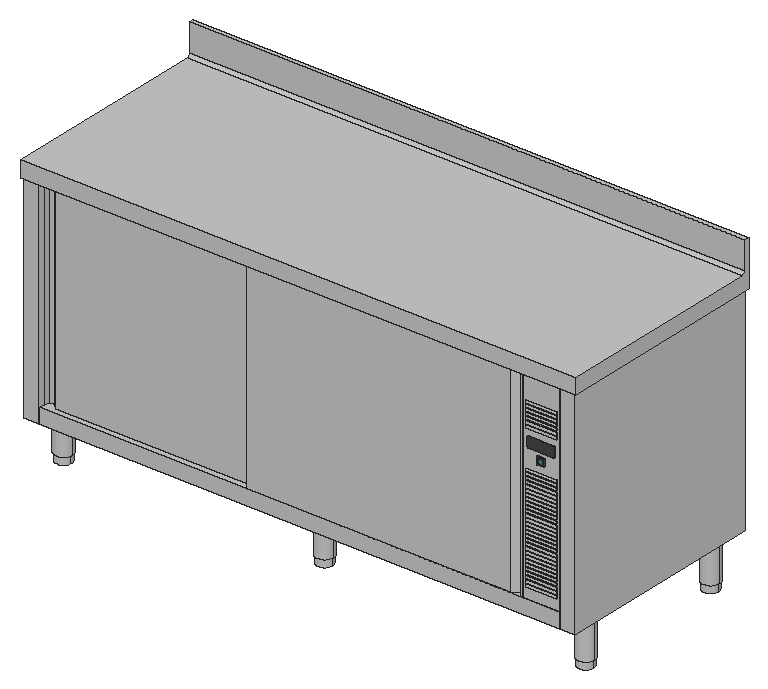
Revit family "QF_ZANUSSI_132794_MTC1810PN", category Attrezzature speciali, Revit 2020
Family settings
  Quota connettore circolare = Usa diametro
  Tipo di parte = Normale
  Basato su piano di lavoro = No
  Sempre verticale = Sì
  Taglio con vuoti quando caricato = No
  Condiviso = No
  Punto di calcolo locali = No
Parameters (values of type "Standard")
  Weight = 70.00 kg
  Watts = 2400 W
  Volts = 220 V
  URL Manufacturer = "http://www.zanussiprofessional.com"
  URL = "http://www.zanussiprofessional.com"
  Steam Supply Size = 0 mm
  Steam Supply Minimum Pressure = 0.0 Pa
  Steam Supply Maximum Pressure = 0.0 Pa
  Steam Consumption per Hour = 0
  Refrigeration Suction Line Size = 0.0 mm
  Refrigeration Liquid Line Size = 0.0 mm
  Refrigerant Compressor Remote = yes
  Prospetto di default = 0.0 mm
  Produttore = "Zanussi"
  Phase = 1
  Modello = "MTC1810PN"
  Length Actual = 1800.0 mm  # constant formula
  Item Number = "132794"
  Hot Water Size = 0 mm
  Height Actual = 1000.0 mm  # constant formula
  HP = "3.2 HP"
  Gas Size = 0 mm
  Gas KW = 0
  Gas Input Pressure = 0 W
  Direct Waste Size = 0 mm
  Descrizione = "HOT CUPB.VENT+UPST+SHELF+SLIDING D. 1800"
  Depth Actual = 700.0 mm  # constant formula
  Cycle = 50 Hz
  Condensate Return Size = 0 mm
  Compressed Air Volume = 0.0 L/s
  Compressed Air Size = 0 mm
  Compressed Air Pressure = 0.0 Pa
  Cold Water Size = 0 mm
  Accessory = yes
Reference planes
  plane 1 "Center (Front/Back)": y = 0
  plane 2: z = 0
  plane 3 "Center (Left/Right)": x = -400
  plane 4 "LEFT": x = -1300
  plane 5 "RIGHT": x = 500
  plane 6 "BACK": y = 350
  plane 7 "FRONT": y = -350
  plane 8 "Base": z = 850
  plane 9 "TOP": z = 900
  plane 10: x = -1246.5
  plane 11: x = 446.5
  plane 12: y = 264.5
  plane 13: y = -241.5
  plane 14 "BodyLeft": x = -1294.5
  plane 15 "BodyFront": y = -344.5
  plane 16 "BodyRight": x = 494.5
  plane 17 "BodyBack": y = 344.5
  plane 18 "FEET": z = 150
  plane 19: x = 324.5
  plane 20: x = -461
  plane 21: x = 444.5
  plane 22 "EIx": x = 400
  plane 23 "EIy": y = -170
Forms (mm)
  Extrusion 1, solid, material "QF_Finishes_Stainless Steel"
    sketch origin (-400, 0, 0) x (0, 1, 0) y (0, 0, 1)
      loop
        line (-350, 850) -> (350, 850) -> (350, 1000) -> (337, 1000) -> (337, 910)
        arc (337, 910) -> (334.071, 902.929) -> (327, 900) r 10
        line (327, 900) -> (-350, 900) -> (-350, 850)
    from 900 to -900
  Extrusion 2, solid, material "QF_Finishes_Stainless Steel"
    sketch origin (0, 0, 150) x (-1, 0, 0) y (0, -1, 0)
      loop
        line (1294.5, -344.5) -> (1294.5, 344.5) -> (1244.5, 344.5) -> (1244.5, -344.5) -> (1294.5, -344.5)
      loop
        line (-444.5, -344.5) -> (-444.5, 344.5) -> (-494.5, 344.5) -> (-494.5, -344.5) -> (-444.5, -344.5)
    from 0 to 700
  Extrusion 3, solid, material "QF_Finishes_Stainless Steel"
    sketch origin (0, 0, 150) x (-1, 0, 0) y (0, -1, 0)
      loop
        line (1244.5, -344.5) -> (1244.5, 344.5) -> (-444.5, 344.5) -> (-444.5, -344.5) -> (1244.5, -344.5)
    from 0 to 50
  Extrusion 4, solid, material "QF_Finishes_Stainless Steel"
    sketch origin (-1, 0, 150) x (-1, 0, 0) y (0, -1, 0)
      loop
        line (-325.5, 344.5) -> (-325.5, 324.5) -> (570.5, 324.5) -> (570.5, 344.5) -> (-285.5, 344.5) -> (-305.5, 329.5) -> (-320.5, 329.5) -> (-320.5, 344.5) -> (-325.5, 344.5)
    from 50 to 700
  Extrusion 5, solid, material "QF_Finishes_Stainless Steel"
    sketch origin (1, 20, 150) x (1, 0, 0) y (0, 1, 0)
      loop
        line (-1245.5, -344.5) -> (-1240.5, -344.5) -> (-1240.5, -329.5) -> (-1225.5, -329.5) -> (-1205.5, -344.5) -> (-351.5, -344.5) -> (-351.5, -324.5) -> (-1245.5, -324.5) -> (-1245.5, -344.5)
    from 50 to 700
  Extrusion 6, solid, material "QF_Finishes_Stainless Steel"
    sketch origin (0, 0, 0) x (1, 0, 0) y (0, 1, 0)
      loop
        line (-1244.5, -304.5) -> (324.5, -304.5) -> (324.5, 324.5) -> (-1244.5, 324.5) -> (-1244.5, -304.5)
    from 500 to 540
  Extrusion 7, solid, material "QF_Finishes_Stainless Steel"
    sketch origin (0, 0, 0) x (1, 0, 0) y (0, 1, 0)
      loop
        line (444.5, 344.5) -> (-1244.5, 344.5) -> (-1244.5, 324.5) -> (444.5, 324.5) -> (444.5, 344.5)
    from 200 to 850
  Extrusion 8, solid, material "QF_Finishes_Stainless Steel"
    sketch origin (0, 0, 150) x (-1, 0, 0) y (0, -1, 0)
      loop
        circle (-400, 170) r 10
    from 0 to -5
Cuts and joins
  joined: Extrusion 3, Extrusion 7
Lines and regions (mm)
  symbolic lines
    curve 1: line (500, 350, 900) -> (-1300, 350, 900)
    curve 2: line (-1300, 350, 900) -> (-1300, -350, 900)
    curve 3: line (-1300, -350, 900) -> (500, -350, 900)
    curve 4: line (500, -350, 900) -> (500, 350, 900)
    curve 15: line (500, 337, 900) -> (-1300, 337, 900)
  symbolic lines, style "SpecialityEquipmentHiddenLines"
    curve 5: line (-1294.5, 344.5, 150) -> (494.5, 344.5, 150)
    curve 6: line (-1294.5, -344.5, 150) -> (-1294.5, 344.5, 150)
    curve 7: line (494.5, -344.5, 150) -> (-1294.5, -344.5, 150)
    curve 8: line (494.5, 344.5, 150) -> (494.5, -344.5, 150)
    curve 9: line (-1245.5, -304.5, 150) -> (-349.5, -304.5, 150)
    curve 10: line (-349.5, -304.5, 150) -> (-349.5, -324.5, 150)
    curve 11: line (-1245.5, -324.5, 150) -> (324.5, -324.5, 150)
    curve 12: line (324.5, -324.5, 150) -> (324.5, -344.5, 150)
    curve 13: line (-1245.5, -304.5, 150) -> (-1245.5, -324.5, 150)
    curve 14: line (-571.5, -344.5, 0) -> (-571.5, -324.5, 0)
Dimensions and locks
  plane 4 "LEFT" to plane 5 "RIGHT" = 1800.0 mm
  equal spacing: plane 4 "LEFT", plane 3 "Center (Left/Right)", plane 5 "RIGHT"
  locked: plane 8 "Base" to level at 850
  plane 6 "BACK" to plane 7 "FRONT" = 700.0 mm
  equal spacing: plane 6 "BACK", plane 1 "Center (Front/Back)", plane 7 "FRONT"
  locked: plane 4 "LEFT" to plane 14 "BodyLeft" at 5.5
  locked: plane 16 "BodyRight" to plane 5 "RIGHT" at 5.5
  locked: plane 15 "BodyFront" to plane 7 "FRONT" at 5.5
  locked: plane 6 "BACK" to plane 17 "BodyBack" at 5.5
  locked: plane 14 "BodyLeft" to plane 10 at 48
  locked: plane 11 to plane 16 "BodyRight" at 48
  locked: plane 13 to plane 15 "BodyFront" at 103
  locked: plane 17 "BodyBack" to plane 12 at 80
  plane 10 to plane 11 = 1693.0 mm
  plane 12 to plane 13 = 506.0 mm
  locked: plane 14 "BodyLeft" to Extrusion 2 sketch curve at 50
  locked: Extrusion 2 sketch curve to Extrusion 2 sketch curve at 50
  equal spacing: plane 10, plane 20, plane 19
  locked: plane 21 to plane 16 "BodyRight" at 50
  locked: plane 19 to plane 21 at 120
  locked: Extrusion 4 sketch curve to plane 20 at 110.5
  locked: plane 20 to Extrusion 5 sketch curve at 110.5
  locked: plane 18 "FEET" to level at 150
  locked: plane 22 "EIx" to plane 5 "RIGHT" at 100
  plane 23 "EIy" to plane 7 "FRONT" = 180.0 mm
  locked: Extrusion 1 to level at 1000
  plane 9 "TOP" to level = 900.0 mm
  aligned and locked: level to plane 2
  aligned and locked: plane 10 to nested 1
  aligned and locked: nested 1 to plane 13
  aligned and locked: plane 11 to nested 2
  aligned and locked: nested 2 to plane 13
  aligned and locked: plane 11 to nested 4
  aligned and locked: nested 4 to plane 12
  aligned and locked: plane 10 to nested 3
  aligned and locked: nested 3 to plane 12
  aligned and locked: Extrusion 1 to plane 4 "LEFT"
  aligned and locked: plane 5 "RIGHT" to Extrusion 1
  aligned and locked: curve 2 to plane 4 "LEFT"
  aligned and locked: plane 17 "BodyBack" to Extrusion 2 sketch curve
  aligned and locked: Extrusion 2 sketch curve to plane 15 "BodyFront"
  aligned and locked: Extrusion 2 sketch curve to plane 14 "BodyLeft"
  aligned and locked: plane 16 "BodyRight" to Extrusion 2 sketch curve
  aligned and locked: Extrusion 2 sketch curve to plane 17 "BodyBack"
  aligned and locked: plane 15 "BodyFront" to Extrusion 2 sketch curve
  aligned and locked: Extrusion 3 sketch curve to plane 17 "BodyBack"
  aligned and locked: plane 15 "BodyFront" to Extrusion 3 sketch curve
  aligned and locked: plane 8 "Base" to Extrusion 2
  aligned and locked: plane 8 "Base" to Extrusion 4
  aligned and locked: Extrusion 4 to Extrusion 3
  aligned and locked: Extrusion 1 to plane 8 "Base"
  aligned and locked: plane 9 "TOP" to Extrusion 1
  aligned and locked: curve 5 to plane 17 "BodyBack"
  aligned and locked: plane 14 "BodyLeft" to curve 6
  aligned and locked: plane 15 "BodyFront" to curve 7
  aligned and locked: plane 16 "BodyRight" to curve 8
  aligned and locked: Extrusion 3 to Extrusion 2  (x2)
  aligned and locked: Extrusion 6 sketch curve to Extrusion 2
  aligned and locked: Extrusion 6 sketch curve to Extrusion 5
  aligned and locked: nested 5 to plane 21
  aligned and locked: Extrusion 7 sketch curve to Extrusion 2
  aligned and locked: Extrusion 6 sketch curve to plane 19
  aligned and locked: plane 3 "Center (Left/Right)" to nested 6
  aligned and locked: plane 3 "Center (Left/Right)" to nested 7
Automatic sketch dimensions
  Extrusion 8 sketch curve to plane 22 "EIx" = 0.0 mm
  Extrusion 8 sketch curve to plane 23 "EIy" = 0.0 mm
  curve 14 to plane 15 "BodyFront" = 0.0 mm
  plane 15 "BodyFront" to curve 14 = 20.0 mm
  curve 14 to plane 20 = 110.5 mm
  curve 3 to plane 7 "FRONT" = 0.0 mm
  curve 15 to plane 5 "RIGHT" = 0.0 mm
  curve 4 to plane 6 "BACK" = 0.0 mm
  curve 15 to plane 17 "BodyBack" = 7.5 mm
  Extrusion 1 sketch curve to plane 7 "FRONT" = 0.0 mm
  Extrusion 1 sketch curve to plane 9 "TOP" = 0.0 mm
  Extrusion 1 sketch curve to plane 6 "BACK" = 0.0 mm
  Extrusion 1 sketch curve to plane 8 "Base" = 0.0 mm
  Extrusion 1 sketch curve to plane 17 "BodyBack" = 17.5 mm
  Extrusion 1 sketch curve to plane 17 "BodyBack" = 7.5 mm
  Extrusion 1 sketch curve to Extrusion 1 sketch curve = 90.0 mm
  Extrusion 3 sketch curve to plane 21 = 0.0 mm
  plane 10 to Extrusion 3 sketch curve = 2.0 mm
  Extrusion 4 sketch curve to plane 19 = 0.0 mm
  Extrusion 4 sketch curve to plane 15 "BodyFront" = 0.0 mm  (x2)
  Extrusion 4 sketch curve to Extrusion 4 sketch curve = 5.0 mm
  Extrusion 4 sketch curve to Extrusion 4 sketch curve = 15.0 mm  (x2)
  Extrusion 4 sketch curve to Extrusion 4 sketch curve = 20.0 mm
  plane 15 "BodyFront" to Extrusion 4 sketch curve = 20.0 mm
  Extrusion 5 sketch curve to plane 15 "BodyFront" = 20.0 mm  (x2)
  Extrusion 5 sketch curve to plane 10 = 42.0 mm
  Extrusion 5 sketch curve to plane 10 = 22.0 mm
  Extrusion 5 sketch curve to plane 10 = 7.0 mm
  Extrusion 5 sketch curve to plane 10 = 2.0 mm
  Extrusion 5 sketch curve to Extrusion 5 sketch curve = 15.0 mm
  Extrusion 5 sketch curve to Extrusion 5 sketch curve = 20.0 mm
  Extrusion 6 sketch curve to plane 17 "BodyBack" = 20.0 mm
  Extrusion 7 sketch curve to plane 21 = 0.0 mm
  Extrusion 7 sketch curve to plane 17 "BodyBack" = 0.0 mm
  Extrusion 7 sketch curve to Extrusion 7 sketch curve = 20.0 mm
  curve 11 to plane 19 = 0.0 mm
  curve 7 to plane 15 "BodyFront" = 0.0 mm
  plane 3 "Center (Left/Right)" to curve 10 = 50.5 mm
  plane 10 to curve 13 = 1.0 mm
  plane 15 "BodyFront" to curve 9 = 40.0 mm
  plane 15 "BodyFront" to curve 13 = 20.0 mm
  radius of Extrusion 8 sketch curve = 10.0 mm
Nested families
  nested 1: "FEET_D58-150" at (-1246.5, -241.5, 0), type "FEET_D58-150"
  nested 2: "FEET_D58-150" at (446.5, -241.5, 0), type "FEET_D58-150"
  nested 3: "FEET_D58-150" at (-1246.5, 264.5, 0), type "FEET_D58-150"
  nested 4: "FEET_D58-150" at (446.5, 264.5, 0), type "FEET_D58-150"
  nested 5: "WT_PNL120x650" at (531.42, -304.5, 600) x (1, 0, 0) z (0, -1, 0), type "WT_PNL120x650"
    with Show Logo yes
  nested 6: "FEET_D58-150" at (-400, -241.5, 0), type "FEET_D58-150"
  nested 7: "FEET_D58-150" at (-400, 264.5, 0), type "FEET_D58-150"
Connectors
  electrical at (400, -170, 145)
    settings: on Extrusion 8, index 1, voltage 0 V, apparent load 0 VA, apparent load phase1 0 VA, apparent load phase2 0 VA, apparent load phase3 0 VA, power factor 1, load classification "Other", number of poles 1, system type 30, power factor state 1, is connector primary yes, connector utility no, sub classification motor no, connector description "Electrical connection"
Definition of nested family "FEET_D58-150"
  Parameters
    Default Elevation = 0.0 mm
    FEET = 150.0 mm
  Reference planes
    plane 1 "Center (Front/Back)": y = 0
    plane 2: z = 0
    plane 3 "Center (Left/Right)": x = 0
    plane 4: z = 150
  Forms (mm)
    Extrusion 1, solid
      sketch origin (0, 0, 0) x (1, 0, 0) y (0, 1, 0)
        loop
          circle (0, 0) r 25
      from 0 to 25
    Extrusion 2, solid
      sketch origin (0, 0, 0) x (1, 0, 0) y (0, 1, 0)
        loop
          circle (0.061, 0) r 29
      from 25 to 150 <- "FEET"
  Lines and regions (mm)
    symbolic lines
      curve 1: line (0, -1.503, 0) -> (0, 1.508, 0)
      curve 2: line (1.561, 0, 0) -> (-1.439, 0, 0)
  Dimensions and locks
    "FEET": plane 4 to plane 2
    aligned and locked: level to plane 2
  Automatic sketch dimensions
    plane 1 "Center (Front/Back)" to Extrusion 1 sketch curve = 0.0 mm
    Extrusion 1 sketch curve to plane 3 "Center (Left/Right)" = 0.0 mm
    plane 1 "Center (Front/Back)" to curve 2 = 0.0 mm
    curve 1 to plane 3 "Center (Left/Right)" = 0.0 mm
    curve 2 to plane 3 "Center (Left/Right)" = 1.439 mm
    plane 3 "Center (Left/Right)" to curve 2 = 1.561 mm
    plane 1 "Center (Front/Back)" to curve 1 = 1.503 mm
    curve 1 to plane 1 "Center (Front/Back)" = 1.508 mm
    plane 1 "Center (Front/Back)" to Extrusion 2 sketch curve = 0.0 mm
    plane 3 "Center (Left/Right)" to Extrusion 2 sketch curve = 0.061 mm
    radius of Extrusion 1 sketch curve = 25.0 mm
    radius of Extrusion 2 sketch curve = 29.0 mm
Definition of nested family "WT_PNL120x650"
  Parameters
    Show Logo [instance] = yes
    Default Elevation = 1219.2 mm
  Reference planes
    plane 1 "Center (Front/Back)": y = -75
    plane 2: z = 0
    plane 3 "Center (Left/Right)": x = -146.92
    plane 4: x = -206.92
    plane 5: x = -86.92
    plane 6: y = 250
    plane 7: y = -400
    plane 8 "TOP": z = 40
  Forms (mm)
    Extrusion 1, solid
      sketch origin (0, 0, 0) x (1, 0, 0) y (0, 1, 0)
        loop
          line (-1219.2, 1219.2) -> (-1219.2, -1219.2) -> (1219.2, -1219.2) -> (1219.2, 1219.2) -> (-1219.2, 1219.2)
      from 0 to -304.8
    Extrusion 2, solid
      sketch origin (0, 0, 0) x (1, 0, 0) y (0, 1, 0)
        loop
          line (-206.92, 250) -> (-206.92, -400) -> (-86.92, -400) -> (-86.92, 250) -> (-206.92, 250)
      from 0 to 40
    Extrusion 3, void
      sketch origin (0, 0, 40) x (-1, 0, 0) y (0, -1, 0)
        loop
          arc (101.92, -68.899) -> (103.795, -73.256) -> (108.247, -74.89) r 6
          line (108.247, -74.89) -> (185.92, -74.89)
          arc (185.92, -74.89) -> (190.163, -73.133) -> (191.92, -68.89) r 6
          line (191.92, -68.89) -> (191.92, -45.89)
          arc (191.92, -45.89) -> (190.163, -41.648) -> (185.92, -39.89) r 6
          line (185.92, -39.89) -> (107.92, -39.89)
          arc (107.92, -39.89) -> (103.677, -41.648) -> (101.92, -45.89) r 6
          line (101.92, -45.89) -> (101.92, -68.899)
        loop
          line (158.92, -27.89) -> (158.92, -2.89) -> (134.92, -2.89) -> (134.92, -27.89) -> (158.92, -27.89)
      from -2 to 0
    Extrusion 4, solid
      sketch origin (0, 0, 40) x (-1, 0, 0) y (0, -1, 0)
        loop
          line (185.92, -39.89) -> (107.92, -39.89)
          arc (107.92, -39.89) -> (103.677, -41.648) -> (101.92, -45.89) r 6
          line (101.92, -45.89) -> (101.92, -68.899)
          arc (101.92, -68.899) -> (103.795, -73.256) -> (108.247, -74.89) r 6
          line (108.247, -74.89) -> (185.92, -74.89)
          arc (185.92, -74.89) -> (190.163, -73.133) -> (191.92, -68.89) r 6
          line (191.92, -68.89) -> (191.92, -45.89)
          arc (191.92, -45.89) -> (190.163, -41.648) -> (185.92, -39.89) r 6
      from -2 to 1
    Extrusion 5, solid
      sketch origin (-146.92, 0, 0) x (0, 1, 0) y (0, 0, 1)
        loop
          line (95.896, 40) -> (104.899, 40) -> (95.896, 41.206) -> (95.896, 40)
        loop
          line (107.896, 40) -> (116.899, 40) -> (107.896, 41.206) -> (107.896, 40)
        loop
          line (119.896, 40) -> (128.899, 40) -> (119.896, 41.206) -> (119.896, 40)
        loop
          line (131.896, 40) -> (140.899, 40) -> (131.896, 41.206) -> (131.896, 40)
        loop
          line (143.896, 40) -> (152.899, 40) -> (143.896, 41.206) -> (143.896, 40)
        loop
          line (155.896, 40) -> (164.899, 40) -> (155.896, 41.206) -> (155.896, 40)
        loop
          line (167.896, 40) -> (176.899, 40) -> (167.896, 41.206) -> (167.896, 40)
        loop
          line (-102.104, 40) -> (-93.101, 40) -> (-102.104, 41.206) -> (-102.104, 40)
        loop
          line (-90.104, 40) -> (-81.101, 40) -> (-90.104, 41.206) -> (-90.104, 40)
        loop
          line (-78.104, 40) -> (-69.101, 40) -> (-78.104, 41.206) -> (-78.104, 40)
        loop
          line (-66.104, 40) -> (-57.101, 40) -> (-66.104, 41.206) -> (-66.104, 40)
        loop
          line (-54.104, 40) -> (-45.101, 40) -> (-54.104, 41.206) -> (-54.104, 40)
        loop
          line (-42.104, 40) -> (-33.101, 40) -> (-42.104, 41.206) -> (-42.104, 40)
        loop
          line (-30.104, 40) -> (-21.101, 40) -> (-30.104, 41.206) -> (-30.104, 40)
        loop
          line (-174.104, 40) -> (-165.101, 40) -> (-174.104, 41.206) -> (-174.104, 40)
        loop
          line (-162.104, 40) -> (-153.101, 40) -> (-162.104, 41.206) -> (-162.104, 40)
        loop
          line (-150.104, 40) -> (-141.101, 40) -> (-150.104, 41.206) -> (-150.104, 40)
        loop
          line (-138.104, 40) -> (-129.101, 40) -> (-138.104, 41.206) -> (-138.104, 40)
        loop
          line (-126.104, 40) -> (-117.101, 40) -> (-126.104, 41.206) -> (-126.104, 40)
        loop
          line (-114.104, 40) -> (-105.101, 40) -> (-114.104, 41.206) -> (-114.104, 40)
        loop
          line (-246.104, 40) -> (-237.101, 40) -> (-246.104, 41.206) -> (-246.104, 40)
        loop
          line (-234.104, 40) -> (-225.101, 40) -> (-234.104, 41.206) -> (-234.104, 40)
        loop
          line (-222.104, 40) -> (-213.101, 40) -> (-222.104, 41.206) -> (-222.104, 40)
        loop
          line (-210.104, 40) -> (-201.101, 40) -> (-210.104, 41.206) -> (-210.104, 40)
        loop
          line (-198.104, 40) -> (-189.101, 40) -> (-198.104, 41.206) -> (-198.104, 40)
        loop
          line (-186.104, 40) -> (-177.101, 40) -> (-186.104, 41.206) -> (-186.104, 40)
        loop
          line (-318.104, 40) -> (-309.101, 40) -> (-318.104, 41.206) -> (-318.104, 40)
        loop
          line (-306.104, 40) -> (-297.101, 40) -> (-306.104, 41.206) -> (-306.104, 40)
        loop
          line (-294.104, 40) -> (-285.101, 40) -> (-294.104, 41.206) -> (-294.104, 40)
        loop
          line (-282.104, 40) -> (-273.101, 40) -> (-282.104, 41.206) -> (-282.104, 40)
        loop
          line (-270.104, 40) -> (-261.101, 40) -> (-270.104, 41.206) -> (-270.104, 40)
        loop
          line (-258.104, 40) -> (-249.101, 40) -> (-258.104, 41.206) -> (-258.104, 40)
        loop
          line (-366.104, 40) -> (-357.101, 40) -> (-366.104, 41.206) -> (-366.104, 40)
        loop
          line (-354.104, 40) -> (-345.101, 40) -> (-354.104, 41.206) -> (-354.104, 40)
        loop
          line (-342.104, 40) -> (-333.101, 40) -> (-342.104, 41.206) -> (-342.104, 40)
        loop
          line (-330.104, 40) -> (-321.101, 40) -> (-330.104, 41.206) -> (-330.104, 40)
      from -50 to 50
    Extrusion 6, solid
      sketch origin (0, 0, 40) x (-1, 0, 0) y (0, -1, 0)
        loop
          line (134.92, -27.89) -> (158.92, -27.89) -> (158.92, -2.89) -> (134.92, -2.89) -> (134.92, -27.89)
        loop
          circle (146.92, -15.39) r 9
      from -2 to 3
    Extrusion 7, solid
      sketch origin (0, 0, 40) x (-1, 0, 0) y (0, -1, 0)
        loop
          circle (146.92, -15.39) r 9
      from 0 to 3
  Cuts and joins
    Extrusion 3 cuts Extrusion 2
  Dimensions and locks
    equal spacing: plane 6, plane 1 "Center (Front/Back)", plane 7
    equal spacing: plane 4, plane 3 "Center (Left/Right)", plane 5
    plane 8 "TOP" to level = 40.0 mm
    aligned and locked: plane 2 to Extrusion 1
    aligned and locked: level to Extrusion 1
  Automatic sketch dimensions
    Extrusion 1 sketch curve to Extrusion 1 sketch curve = 2438.4 mm  (x2)
    Extrusion 2 sketch curve to plane 4 = 0.0 mm
    Extrusion 2 sketch curve to plane 5 = 0.0 mm
    Extrusion 2 sketch curve to plane 7 = 0.0 mm
    Extrusion 2 sketch curve to plane 6 = 0.0 mm
    Extrusion 5 sketch curve to plane 8 "TOP" = 0.0 mm  (x36)
    Extrusion 5 sketch curve to Extrusion 5 sketch curve = 9.003 mm  (x35)
    plane 8 "TOP" to Extrusion 5 sketch curve = 1.206 mm  (x22)
    Extrusion 5 sketch curve to Extrusion 5 sketch curve = 2.997 mm  (x33)
    plane 1 "Center (Front/Back)" to Extrusion 5 sketch curve = 6.101 mm
    plane 1 "Center (Front/Back)" to Extrusion 5 sketch curve = 3.104 mm
    Extrusion 5 sketch curve to plane 1 "Center (Front/Back)" = 5.899 mm
    Extrusion 5 sketch curve to Extrusion 5 sketch curve = 116.997 mm
    Extrusion 5 sketch curve to Extrusion 5 sketch curve = 1.206 mm  (x14)
    Extrusion 4 sketch curve to plane 5 = 15.0 mm
    Extrusion 4 sketch curve to Extrusion 4 sketch curve = 6.0 mm  (x3)
    Extrusion 4 sketch curve to Extrusion 4 sketch curve = 0.327 mm
    plane 4 to Extrusion 4 sketch curve = 21.0 mm  (x2)
    Extrusion 4 sketch curve to plane 1 "Center (Front/Back)" = 149.89 mm
    Extrusion 4 sketch curve to Extrusion 4 sketch curve = 23.009 mm
    Extrusion 3 sketch curve to plane 5 = 15.0 mm
    Extrusion 3 sketch curve to Extrusion 3 sketch curve = 6.0 mm  (x3)
    Extrusion 3 sketch curve to Extrusion 3 sketch curve = 0.327 mm
    plane 3 "Center (Left/Right)" to Extrusion 3 sketch curve = 12.0 mm
    Extrusion 3 sketch curve to plane 3 "Center (Left/Right)" = 12.0 mm
    plane 4 to Extrusion 3 sketch curve = 21.0 mm  (x2)
    Extrusion 3 sketch curve to plane 1 "Center (Front/Back)" = 149.89 mm
    Extrusion 3 sketch curve to Extrusion 3 sketch curve = 23.0 mm
    Extrusion 3 sketch curve to Extrusion 3 sketch curve = 12.0 mm
    Extrusion 3 sketch curve to Extrusion 3 sketch curve = 25.0 mm
    Extrusion 6 sketch curve to plane 3 "Center (Left/Right)" = 0.0 mm
    plane 3 "Center (Left/Right)" to Extrusion 6 sketch curve = 12.0 mm
    Extrusion 6 sketch curve to plane 3 "Center (Left/Right)" = 12.0 mm
    Extrusion 6 sketch curve to plane 1 "Center (Front/Back)" = 102.89 mm
    Extrusion 6 sketch curve to Extrusion 6 sketch curve = 12.5 mm  (x2)
    Extrusion 7 sketch curve to plane 3 "Center (Left/Right)" = 0.0 mm
    Extrusion 7 sketch curve to plane 1 "Center (Front/Back)" = 90.39 mm
    radius of Extrusion 6 sketch curve = 9.0 mm
    radius of Extrusion 7 sketch curve = 9.0 mm
